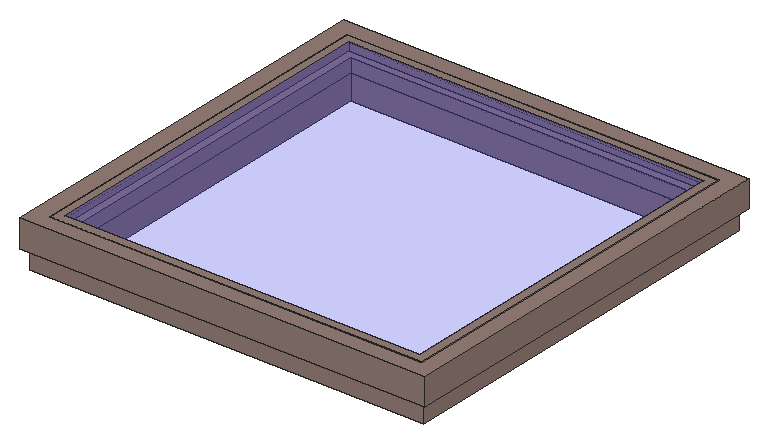
Revit family "cd4d0919c22a483abebab9c9aff34f75", category Windows, host Roof, Revit 2019
Family settings
  Host = Roof
  OmniClass Number = 23.30.30.00
  OmniClass Title = Skylights
  Always vertical = No
  Cut with Voids When Loaded = No
  Shared = No
  Room Calculation Point = No
Parameters (values of type "36" x 36"")
  Width = 3' - 0"
  Visual Light Transmittance = 0.9
  Thermal Resistance (R) = 0.9899 (h·ft²·°F)/BTU
  Solar Heat Gain Coefficient = 0.86
  Rough Width = Width + 0' 0 1/2"  # 3' - 0 1/2"
  Rough Height = Height + 0' 0 1/2"  # 3' - 0 1/2"
  Height = 3' - 0"
  Heat Transfer Coefficient (U) = 1.0102 BTU/(h·ft²·°F)
  Glass Panel Material = Glass
  Frame Material = Metal - Bronze, Light Brush
  Fire Rating = "0.5h"
  Base Height = 0' - 3 1/4"
  Assembly Code = "B2020100"
  Analytic Construction = "Single-glazed windows - domestic"
Values of the unnamed type that differ from the named types
  Thermal Resistance (R) = 0.17433 m²·K/W
  Heat Transfer Coefficient (U) = 5.7362 W/(m²·K)
Reference planes (in)
  plane 1 "Center (Front/Back)": y = 0
  plane 2 "Roof": z = 144
  plane 3 "Center (Left/Right)": x = 0
  plane 4: x = -18
  plane 5: x = 18
  plane 6: y = 18
  plane 7: y = -18
  plane 8: y = 15.5
  plane 9: y = -15.5
  plane 10: x = -15.5
  plane 11: x = 15.5
  plane 12: x = -18.5
  plane 13: x = 18.5
  plane 14: y = 18.5
  plane 15: y = -18.5
  plane 16: z = 153.25
  plane 17: z = 154.25
  plane 18: y = 17
  plane 19: y = -17
  plane 20: x = -17
  plane 21: x = 17
  plane 22: z = 152.25
Forms (in)
  Sweep 1, solid, material "Metal - Bronze, Light Brush" <- "Frame Material"
    path origin (0, 0, 144) x (1, 0, 0) y (0, 1, 0)
      loop
        line (-18, 18) -> (-18, -18) -> (18, -18) -> (18, 18) -> (-18, 18)
    profile origin (0, 18, 144) x (0, 1, 0) y (0, 0, 1)
      loop
        line (0, 6) -> (0, 9.25) -> (-1, 9.25) -> (-1, 8.25) -> (-2.5, 8.25) -> (-2.5, 6) -> (0, 6)
  Sweep 2, solid, material "Metal - Bronze, Light Brush" <- "Frame Material"
    path origin (0, 0, 144) x (1, 0, 0) y (0, 1, 0)
      loop
        line (-18, 18) -> (-18, -18) -> (18, -18) -> (18, 18) -> (-18, 18)
    profile origin (0, 18, 144) x (0, 1, 0) y (0, 0, 1)
      loop
        line (-1, 9.25) -> (0, 9.25) -> (0, 7.75) -> (0.5, 7.75) -> (0.5, 10.25) -> (-1, 10.25) -> (-1, 9.25)
  Extrusion 3, solid, material "Glass" <- "Glass Panel Material"
    sketch origin (-9, -180, 154.25) x (-1, 0, 0) y (0, -1, 0)
      loop
        line (7.25, -196.25) -> (7.25, -163.75) -> (-25.25, -163.75) -> (-25.25, -196.25) -> (7.25, -196.25)
    from 0 to -0.21875
  Sweep 4, solid, material "Metal - Bronze, Light Brush" <- "Frame Material"
    path origin (-9, -180, 154.25) x (-1, 0, 0) y (0, -1, 0)
      loop
        line (8, -197) -> (8, -163) -> (-26, -163) -> (-26, -197) -> (8, -197)
    profile origin (0, 17, 154.25) x (0, 1, 0) y (0, 0, 1)
      loop
        line (0, 0) -> (-0.75, 0) -> (-0.75, -0.75) -> (-1.5, -0.75) -> (-1.5, -2) -> (0, -2) -> (0, 0)
Lines and regions (in)
  Opening 1
    outline origin (0, 0, 150) x (0, 1, 0) y (-1, 0, 0)
      loop
        line (15.5, 15.5) -> (-15.5, 15.5) -> (-15.5, -15.5) -> (15.5, -15.5) -> (15.5, 15.5)
  model lines, style "Elevation Swing"
    curve 1: line (0, 17, 154.25) -> (-17, -17, 154.25)
    curve 2: line (0, 17, 154.25) -> (17, -17, 154.25)
Dimensions and locks (in)
  equal spacing: host sketch curve, plane 3 "Center (Left/Right)", host sketch curve
  equal spacing: host sketch curve, plane 1 "Center (Front/Back)", host sketch curve
  equal spacing: plane 6, plane 1 "Center (Front/Back)", plane 7
  equal spacing: plane 4, plane 3 "Center (Left/Right)", plane 5
  "Width": plane 4 to plane 5
  "Height": plane 6 to plane 7
  locked: plane 6 to plane 8 at 2.5
  locked: plane 9 to plane 7 at 2.5
  locked: plane 4 to plane 10 at 2.5
  locked: plane 11 to plane 5 at 2.5
  locked: plane 12 to plane 4 at 0.5
  locked: plane 5 to plane 13 at 0.5
  locked: plane 7 to plane 15 at 0.5
  "Base Height": host roof to plane 16
  locked: plane 17 to plane 16 at 1
  locked: Sweep 2 sketch curve to plane 16 at 1.5
  locked: plane 6 to plane 18 at 1
  locked: plane 19 to plane 7 at 1
  locked: plane 4 to plane 20 at 1
  locked: plane 21 to plane 5 at 1
  locked: plane 22 to plane 16 at 1
  locked: plane 14 to plane 6 at 0.5
  locked: plane 18 to Sweep 4 sketch curve at 0.75
  locked: plane 17 to Sweep 4 sketch curve at 0.75
  aligned and locked: plane 2 "Roof" to level
  aligned and locked: Opening 1 sketch curve to plane 8
  aligned and locked: plane 10 to Opening 1 sketch curve
  aligned and locked: plane 9 to Opening 1 sketch curve
  aligned and locked: Opening 1 sketch curve to plane 11
  aligned and locked: Sweep 1 sketch curve to plane 6  (x2)
  aligned and locked: plane 4 to Sweep 1 sketch curve
  aligned and locked: plane 7 to Sweep 1 sketch curve
  aligned and locked: Sweep 1 sketch curve to plane 5
  aligned and locked: host roof to Sweep 1 sketch curve
  aligned and locked: plane 16 to Sweep 1 sketch curve
  aligned and locked: Sweep 2 sketch curve to Sweep 1  (x4)
  aligned and locked: plane 17 to Sweep 2 sketch curve
  aligned and locked: plane 14 to Sweep 2 sketch curve
  aligned and locked: Sweep 2 sketch curve to plane 6
  aligned and locked: plane 16 to Sweep 2 sketch curve
  aligned and locked: plane 18 to Sweep 2 sketch curve
  aligned and locked: plane 8 to Sweep 1 sketch curve
  aligned and locked: Sweep 1 sketch curve to plane 18
  aligned and locked: Sweep 1 sketch curve to plane 22
  aligned and locked: Sweep 4 sketch curve to Sweep 1  (x4)
  aligned and locked: plane 18 to Sweep 4 sketch curve
  aligned and locked: Sweep 4 sketch curve to plane 17
  aligned and locked: plane 22 to Sweep 4 sketch curve
  aligned and locked: plane 8 to Sweep 4 sketch curve
  aligned and locked: Extrusion 3 to Sweep 4  (x4)
  aligned and locked: plane 20 to curve 1
  aligned and locked: plane 19 to curve 1
  aligned and locked: plane 21 to curve 2
  aligned and locked: plane 19 to curve 2
  aligned and locked: plane 3 "Center (Left/Right)" to curve 2
  aligned and locked: plane 18 to curve 2
Automatic sketch dimensions
  plane 18 to Extrusion 3 sketch curve = 0' - 0 3/4"
  plane 11 to Extrusion 3 sketch curve = 0' - 0 3/4"
  Extrusion 3 sketch curve to plane 19 = 0' - 0 3/4"
  plane 20 to Extrusion 3 sketch curve = 0' - 0 3/4"
